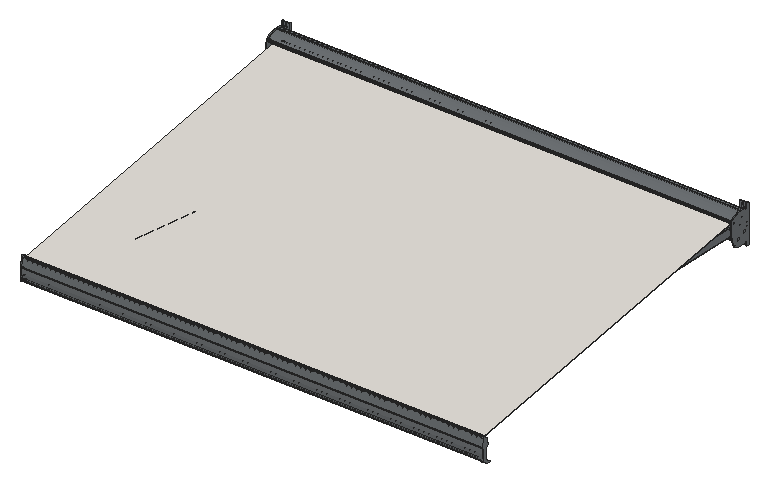
Revit family "Verano_V255_Salou_GM_R21", category Generic Models, Revit 2021 (continued)
Definition of nested family "03.Nosing Closed_GM"
  Dimensions and locks
    aligned and locked: level to plane 2
    aligned and locked: Extrusion 1 to plane 5
    aligned and locked: plane 4 to Extrusion 1
  Automatic sketch dimensions
    Extrusion 1 sketch curve to level = 79.902 mm
    Extrusion 1 sketch curve to level = 74.218 mm
    Extrusion 1 sketch curve to level = 75.054 mm
    Extrusion 1 sketch curve to level = 83.132 mm
    Extrusion 1 sketch curve to level = 85.279 mm
    Extrusion 1 sketch curve to level = 85.172 mm
    Extrusion 1 sketch curve to level = 89.121 mm
    Extrusion 1 sketch curve to Extrusion 1 sketch curve = 2.939 mm
    Extrusion 1 sketch curve to Extrusion 1 sketch curve = 0.854 mm
    Extrusion 1 sketch curve to Extrusion 1 sketch curve = 0.998 mm
    Extrusion 1 sketch curve to Extrusion 1 sketch curve = 2.507 mm
    Extrusion 1 sketch curve to Extrusion 1 sketch curve = 0.057 mm
    Extrusion 1 sketch curve to Extrusion 1 sketch curve = 0.394 mm
    Extrusion 1 sketch curve to Extrusion 1 sketch curve = 0 mm  (x8)
    plane 1 "Center (Front/Back)" to Extrusion 1 sketch curve = 152.38 mm
    Extrusion 1 sketch curve to Extrusion 1 sketch curve = 2.125 mm
    Extrusion 1 sketch curve to Extrusion 1 sketch curve = 2.837 mm
    Extrusion 1 sketch curve to Extrusion 1 sketch curve = 1.497 mm
    Extrusion 1 sketch curve to Extrusion 1 sketch curve = 5.066 mm
    Extrusion 1 sketch curve to Extrusion 1 sketch curve = 0.97 mm
    Extrusion 1 sketch curve to Extrusion 1 sketch curve = 1.3 mm
    Extrusion 1 sketch curve to Extrusion 1 sketch curve = 4.681 mm
    Extrusion 1 sketch curve to Extrusion 1 sketch curve = 2.199 mm
    Extrusion 1 sketch curve to Extrusion 1 sketch curve = 0.126 mm
    Extrusion 1 sketch curve to Extrusion 1 sketch curve = 1.869 mm
    Extrusion 1 sketch curve to Extrusion 1 sketch curve = 0.407 mm
    Extrusion 1 sketch curve to level = 89.048 mm
    Extrusion 1 sketch curve to Extrusion 1 sketch curve = 6.332 mm
    Extrusion 1 sketch curve to Extrusion 1 sketch curve = 3.537 mm
    Extrusion 1 sketch curve to Extrusion 1 sketch curve = 3.613 mm
    Extrusion 1 sketch curve to Extrusion 1 sketch curve = 25.738 mm
    Extrusion 1 sketch curve to Extrusion 1 sketch curve = 31.775 mm
    Extrusion 1 sketch curve to Extrusion 1 sketch curve = 47.011 mm
    Extrusion 1 sketch curve to Extrusion 1 sketch curve = 53.393 mm
    Extrusion 1 sketch curve to Extrusion 1 sketch curve = 10.829 mm
    plane 1 "Center (Front/Back)" to Extrusion 1 sketch curve = 45.887 mm
    Extrusion 1 sketch curve to level = 109.92 mm
    Extrusion 1 sketch curve to plane 1 "Center (Front/Back)" = 170.78 mm
    Extrusion 1 sketch curve to Extrusion 1 sketch curve = 3.811 mm
    Extrusion 1 sketch curve to Extrusion 1 sketch curve = 12.497 mm
    Extrusion 1 sketch curve to Extrusion 1 sketch curve = 40.789 mm
    Extrusion 1 sketch curve to Extrusion 1 sketch curve = 2.48 mm
    Extrusion 1 sketch curve to Extrusion 1 sketch curve = 18.868 mm
    Extrusion 1 sketch curve to Extrusion 1 sketch curve = 4.412 mm
    Extrusion 1 sketch curve to Extrusion 1 sketch curve = 45.598 mm
    Extrusion 1 sketch curve to Extrusion 1 sketch curve = 87.207 mm
    Extrusion 1 sketch curve to Extrusion 1 sketch curve = 14.75 mm
    Extrusion 1 sketch curve to Extrusion 1 sketch curve = 2.346 mm
    Extrusion 1 sketch curve to Extrusion 1 sketch curve = 3.799 mm
    Extrusion 1 sketch curve to Extrusion 1 sketch curve = 41.298 mm
    Extrusion 1 sketch curve to Extrusion 1 sketch curve = 2.528 mm
Definition of nested family "04.Fabric"
  Parameters
    Width = 2000 mm
    Length = 250 mm
    Fabric Material = none
    Default Elevation = 1219.2 mm
  Reference planes
    plane 1 "Center (Front/Back)": y = 0
    plane 2: z = 0
    plane 3 "Center (Left/Right)": x = 0
    plane 4: x = -1000
    plane 5: x = 1000
    plane 6: y = 2
  Forms (mm)
    Extrusion 1, solid
      sketch origin (0, 0, 0) x (1, 0, 0) y (0, 1, 0)
        loop
          line (-1219.2, 1219.2) -> (-1219.2, -1219.2) -> (1219.2, -1219.2) -> (1219.2, 1219.2) -> (-1219.2, 1219.2)
      from 0 to -304.8
    Extrusion 2, solid, material <- "Fabric Material"
      sketch origin (0, 0, 0) x (1, 0, 0) y (0, 1, 0)
        loop
          line (1000, 2) -> (-1000, 2) -> (-1000, 0) -> (1000, 0) -> (1000, 2)
      from 0 to 250 <- "Length"
  Dimensions and locks
    equal spacing: plane 4, plane 3 "Center (Left/Right)", plane 5
    "Width": plane 4 to plane 5
    aligned and locked: plane 2 to Extrusion 1
    aligned and locked: level to Extrusion 1
    aligned and locked: Extrusion 2 sketch curve to plane 6
    aligned and locked: Extrusion 2 sketch curve to plane 4
    aligned and locked: Extrusion 2 sketch curve to plane 1 "Center (Front/Back)"
    aligned and locked: Extrusion 2 sketch curve to plane 5
    aligned and locked: Extrusion 2 to plane 4
    aligned and locked: plane 1 "Center (Front/Back)" to Extrusion 2
    aligned and locked: Extrusion 2 to plane 6
    aligned and locked: plane 5 to Extrusion 2
  Automatic sketch dimensions
    Extrusion 1 sketch curve to Extrusion 1 sketch curve = 2438.4 mm  (x2)
Definition of nested family "05.Nosing Open_FB"
  Parameters
    Length = 2000 mm
    Frame Material = none
    Default Elevation = 1219.2 mm
  Reference planes
    plane 1 "Center (Front/Back)": y = 0
    plane 2: z = 0
    plane 3 "Center (Left/Right)": x = 0
    plane 4: x = -1000
    plane 5: x = 1000
    plane 6: x = -995
    plane 7: x = 995
  Forms (mm)
    Extrusion 1, solid
      sketch origin (0, 0, 0) x (1, 0, 0) y (0, 1, 0)
        loop
          line (-1219.2, 1219.2) -> (-1219.2, -1219.2) -> (1219.2, -1219.2) -> (1219.2, 1219.2) -> (-1219.2, 1219.2)
      from 0 to -304.8
    Extrusion 2, solid, material <- "Frame Material"
      sketch origin (0, 0, 0) x (0, -0.984808, -0.173648) y (0, 0.173648, -0.984808)
        loop
          arc (43.985, 7.537) -> (25.636, 6.097) -> (8.01, 11.394) r 50
          arc (8.01, 11.394) -> (5.431, 11.647) -> (3.385, 10.057) r 3.5
          line (3.385, 10.057) -> (1.166, 6.28)
          arc (1.166, 6.28) -> (1.128, 5.441) -> (1.798, 4.936) r 0.9
          arc (1.798, 4.936) -> (3.192, -4.494) -> (-3.381, 2.41) r 5
          arc (-3.381, 2.41) -> (-3.754, 3.642) -> (-4.977, 3.241) r 0.9
          line (-4.977, 3.241) -> (-5.932, 1.298)
          arc (-5.932, 1.298) -> (-7.407, 0.017) -> (-9.353, 0.187) r 2.5
          line (-9.353, 0.187) -> (-16.488, 3.98)
          arc (-16.488, 3.98) -> (-17.607, 3.858) -> (-17.903, 2.772) r 1
          line (-17.903, 2.772) -> (-15.424, -4.427)
          arc (-15.424, -4.427) -> (-14.895, -5.414) -> (-14.082, -6.183) r 3.5
          arc (-14.082, -6.183) -> (14.636, -23.597) -> (44.998, -37.954) r 325
          arc (44.998, -37.954) -> (46.858, -38.176) -> (48.566, -37.407) r 3.5
          arc (48.566, -37.407) -> (49.068, -37.186) -> (49.611, -37.262) r 1
          arc (49.611, -37.262) -> (92.601, -52.804) -> (137.345, -62.16) r 325
          arc (137.345, -62.16) -> (138.562, -62.112) -> (139.688, -61.651) r 3.5
          arc (139.688, -61.651) -> (142.06, -60.116) -> (144.397, -58.527) r 126.212
          arc (144.397, -58.527) -> (145.209, -56.258) -> (143.331, -54.749) r 2.077
          arc (143.331, -54.749) -> (140.616, -45.762) -> (148.499, -50.86) r 5
          arc (148.499, -50.86) -> (149.429, -53.083) -> (151.834, -52.931) r 2.077
          arc (151.834, -52.931) -> (166.682, -38.722) -> (179.026, -22.291) r 126.212
          line (179.026, -22.291) -> (183.635, -14.308)
          arc (183.635, -14.308) -> (183.829, -13.701) -> (183.755, -13.069) r 1.5
          line (183.755, -13.069) -> (183.197, -11.451)
          arc (183.197, -11.451) -> (181.799, -10.769) -> (181.117, -12.167) r 1.1
          line (181.117, -12.167) -> (181.678, -13.795) -> (176.663, -22.481) -> (175.406, -21.868)
          arc (175.406, -21.868) -> (173.492, -21.534) -> (171.694, -22.273) r 3.5
          arc (171.694, -22.273) -> (147.703, -35.367) -> (120.703, -39.62) r 80
          arc (120.703, -39.62) -> (119.891, -40.408) -> (120.678, -41.22) r 0.8
          arc (120.678, -41.22) -> (124.402, -41.192) -> (128.121, -40.995) r 81.6
          line (128.121, -40.995) -> (127.435, -48.84) -> (101.031, -46.53) -> (101.717, -38.685)
          arc (101.717, -38.685) -> (105.346, -39.525) -> (109.008, -40.199) r 81.6
          arc (109.008, -40.199) -> (109.925, -39.536) -> (109.262, -38.619) r 0.8
          arc (109.262, -38.619) -> (74.564, -24.095) -> (50.339, 4.68) r 80
          arc (50.339, 4.68) -> (47.672, 7.243) -> (43.985, 7.537) r 5.5
      from -995 to 995
    Extrusion 3, solid, material <- "Frame Material"
      sketch origin (0, 0, 0) x (0, -0.984808, -0.173648) y (0, 0.173648, -0.984808)
        loop
          arc (48.642, -37.731) -> (49.132, -37.531) -> (49.656, -37.61) r 1
          arc (49.656, -37.61) -> (92.606, -53.117) -> (137.305, -62.457) r 325.3
          arc (137.305, -62.457) -> (138.625, -62.406) -> (139.849, -61.905) r 3.8
          arc (139.849, -61.905) -> (161.052, -45.087) -> (178.193, -24.144) r 126.512
          arc (178.193, -24.144) -> (178.32, -23.331) -> (177.794, -22.699) r 1
          line (177.794, -22.699) -> (175.537, -21.598)
          arc (175.537, -21.598) -> (173.459, -21.236) -> (171.508, -22.038) r 3.8
          arc (171.508, -22.038) -> (104.657, -37.434) -> (50.608, 4.814) r 79.7
          arc (50.608, 4.814) -> (47.795, 7.517) -> (43.907, 7.827) r 5.8
          arc (43.907, 7.827) -> (25.668, 6.395) -> (8.148, 11.66) r 49.7
          arc (8.148, 11.66) -> (5.348, 11.935) -> (3.127, 10.209) r 3.8
          line (3.127, 10.209) -> (1.296, 7.094)
          arc (1.296, 7.094) -> (-2.636, 6.098) -> (-5.381, 3.112) r 7.1
          line (-5.381, 3.112) -> (-6.202, 1.43)
          arc (-6.202, 1.43) -> (-7.5, 0.302) -> (-9.212, 0.452) r 2.2
          line (-9.212, 0.452) -> (-16.347, 4.245)
          arc (-16.347, 4.245) -> (-17.802, 4.086) -> (-18.187, 2.674) r 1.3
          line (-18.187, 2.674) -> (-15.708, -4.525)
          arc (-15.708, -4.525) -> (-15.133, -5.596) -> (-14.25, -6.431) r 3.8
          arc (-14.25, -6.431) -> (14.494, -23.861) -> (44.884, -38.231) r 325.3
          arc (44.884, -38.231) -> (46.83, -38.483) -> (48.642, -37.731) r 3.8
      from 995 to 1000
    Extrusion 4, solid, material <- "Frame Material"
      sketch origin (0, 0, 0) x (0, -0.984808, -0.173648) y (0, -0.173648, 0.984808)
        loop
          arc (48.642, 37.731) -> (46.83, 38.483) -> (44.884, 38.231) r 3.8
          arc (44.884, 38.231) -> (14.494, 23.861) -> (-14.25, 6.431) r 325.3
          arc (-14.25, 6.431) -> (-15.133, 5.596) -> (-15.708, 4.525) r 3.8
          line (-15.708, 4.525) -> (-18.187, -2.674)
          arc (-18.187, -2.674) -> (-17.802, -4.086) -> (-16.347, -4.245) r 1.3
          line (-16.347, -4.245) -> (-9.212, -0.452)
          arc (-9.212, -0.452) -> (-7.5, -0.302) -> (-6.202, -1.43) r 2.2
          line (-6.202, -1.43) -> (-5.381, -3.112)
          arc (-5.381, -3.112) -> (-2.636, -6.098) -> (1.296, -7.094) r 7.1
          line (1.296, -7.094) -> (3.127, -10.209)
          arc (3.127, -10.209) -> (5.348, -11.935) -> (8.148, -11.66) r 3.8
          arc (8.148, -11.66) -> (25.668, -6.395) -> (43.907, -7.827) r 49.7
          arc (43.907, -7.827) -> (47.795, -7.517) -> (50.608, -4.814) r 5.8
          arc (50.608, -4.814) -> (104.657, 37.434) -> (171.508, 22.038) r 79.7
          arc (171.508, 22.038) -> (173.459, 21.236) -> (175.537, 21.598) r 3.8
          line (175.537, 21.598) -> (177.794, 22.699)
          arc (177.794, 22.699) -> (178.32, 23.331) -> (178.193, 24.144) r 1
          arc (178.193, 24.144) -> (161.052, 45.087) -> (139.849, 61.905) r 126.512
          arc (139.849, 61.905) -> (138.625, 62.406) -> (137.305, 62.457) r 3.8
          arc (137.305, 62.457) -> (92.606, 53.117) -> (49.656, 37.61) r 325.3
          arc (49.656, 37.61) -> (49.132, 37.531) -> (48.642, 37.731) r 1
      from 995 to 1000
  Dimensions and locks
    equal spacing: plane 4, plane 3 "Center (Left/Right)", plane 5
    "Length": plane 4 to plane 5
    locked: plane 7 to plane 5 at 5
    locked: plane 4 to plane 6 at 5
    aligned and locked: plane 2 to Extrusion 1
    aligned and locked: level to Extrusion 1
    aligned and locked: Extrusion 2 to plane 6
    aligned and locked: plane 7 to Extrusion 2
    aligned and locked: Extrusion 3 to plane 7
    aligned and locked: plane 5 to Extrusion 3
    aligned and locked: plane 6 to Extrusion 4
    aligned and locked: Extrusion 4 to plane 4
  Automatic sketch dimensions
    Extrusion 1 sketch curve to Extrusion 1 sketch curve = 2438.4 mm  (x2)
    Extrusion 2 sketch curve to Extrusion 2 sketch curve = 0 mm  (x29)
    level to Extrusion 2 sketch curve = 0.379 mm
    Extrusion 2 sketch curve to plane 1 "Center (Front/Back)" = 18.112 mm
    Extrusion 2 sketch curve to Extrusion 2 sketch curve = 0.946 mm
    Extrusion 2 sketch curve to Extrusion 2 sketch curve = 0.469 mm
    Extrusion 2 sketch curve to Extrusion 2 sketch curve = 2.479 mm
    Extrusion 2 sketch curve to Extrusion 2 sketch curve = 3.309 mm
    Extrusion 2 sketch curve to Extrusion 2 sketch curve = 2.762 mm
    Extrusion 2 sketch curve to Extrusion 2 sketch curve = 1.174 mm
    Extrusion 2 sketch curve to Extrusion 2 sketch curve = 2.247 mm
    Extrusion 2 sketch curve to Extrusion 2 sketch curve = 0.955 mm
    Extrusion 2 sketch curve to Extrusion 2 sketch curve = 0.808 mm
    Extrusion 2 sketch curve to Extrusion 2 sketch curve = 5.17 mm
    Extrusion 2 sketch curve to Extrusion 2 sketch curve = 0.166 mm
    Extrusion 2 sketch curve to Extrusion 2 sketch curve = 0.776 mm
    Extrusion 2 sketch curve to Extrusion 2 sketch curve = 2.219 mm
    Extrusion 2 sketch curve to Extrusion 2 sketch curve = 3.018 mm
    Extrusion 2 sketch curve to Extrusion 2 sketch curve = 27.581 mm
    Extrusion 2 sketch curve to Extrusion 2 sketch curve = 39.014 mm
    Extrusion 2 sketch curve to Extrusion 2 sketch curve = 0.911 mm
    Extrusion 2 sketch curve to Extrusion 2 sketch curve = 2.877 mm
    Extrusion 2 sketch curve to Extrusion 2 sketch curve = 41.316 mm
    Extrusion 2 sketch curve to Extrusion 2 sketch curve = 51.825 mm
    Extrusion 2 sketch curve to Extrusion 2 sketch curve = 0.686 mm
    Extrusion 2 sketch curve to Extrusion 2 sketch curve = 7.417 mm
    Extrusion 2 sketch curve to Extrusion 2 sketch curve = 11.556 mm
    Extrusion 2 sketch curve to Extrusion 2 sketch curve = 49.654 mm
    Extrusion 2 sketch curve to Extrusion 2 sketch curve = 6.744 mm
    Extrusion 2 sketch curve to Extrusion 2 sketch curve = 7.43 mm
    Extrusion 2 sketch curve to Extrusion 2 sketch curve = 10.384 mm
    Extrusion 2 sketch curve to Extrusion 2 sketch curve = 5.391 mm
    Extrusion 2 sketch curve to Extrusion 2 sketch curve = 0.412 mm
    Extrusion 2 sketch curve to Extrusion 2 sketch curve = 6.903 mm
    Extrusion 2 sketch curve to Extrusion 2 sketch curve = 46.627 mm
    Extrusion 2 sketch curve to Extrusion 2 sketch curve = 23.346 mm
    Extrusion 2 sketch curve to Extrusion 2 sketch curve = 1.534 mm
    Extrusion 2 sketch curve to Extrusion 2 sketch curve = 1.258 mm
    Extrusion 2 sketch curve to Extrusion 2 sketch curve = 2.363 mm
    Extrusion 2 sketch curve to Extrusion 2 sketch curve = 2.091 mm
    Extrusion 2 sketch curve to Extrusion 2 sketch curve = 12.764 mm
    Extrusion 2 sketch curve to Extrusion 2 sketch curve = 0.561 mm
    Extrusion 2 sketch curve to Extrusion 2 sketch curve = 1.04 mm  (x2)
    Extrusion 2 sketch curve to Extrusion 2 sketch curve = 0.658 mm
    Extrusion 2 sketch curve to Extrusion 2 sketch curve = 1.299 mm
    Extrusion 2 sketch curve to Extrusion 2 sketch curve = 0.119 mm
    Extrusion 2 sketch curve to Extrusion 2 sketch curve = 0.378 mm
    Extrusion 2 sketch curve to Extrusion 2 sketch curve = 0.168 mm
    Extrusion 2 sketch curve to Extrusion 2 sketch curve = 1.096 mm
    Extrusion 2 sketch curve to Extrusion 2 sketch curve = 1.298 mm
    Extrusion 2 sketch curve to Extrusion 2 sketch curve = 3.475 mm
    Extrusion 2 sketch curve to Extrusion 2 sketch curve = 1.139 mm
    Extrusion 2 sketch curve to Extrusion 2 sketch curve = 13.678 mm
    Extrusion 2 sketch curve to Extrusion 2 sketch curve = 0.358 mm
    Extrusion 2 sketch curve to Extrusion 2 sketch curve = 1.618 mm
    Extrusion 2 sketch curve to Extrusion 2 sketch curve = 0.488 mm
    Extrusion 2 sketch curve to Extrusion 2 sketch curve = 0.238 mm
    Extrusion 2 sketch curve to Extrusion 2 sketch curve = 8.072 mm
    Extrusion 2 sketch curve to Extrusion 2 sketch curve = 0.424 mm
    Extrusion 2 sketch curve to Extrusion 2 sketch curve = 0.613 mm
    Extrusion 2 sketch curve to Extrusion 2 sketch curve = 3.146 mm
    Extrusion 2 sketch curve to Extrusion 2 sketch curve = 36.943 mm
    Extrusion 2 sketch curve to Extrusion 2 sketch curve = 3.46 mm
    Extrusion 2 sketch curve to Extrusion 2 sketch curve = 0.509 mm
    Extrusion 2 sketch curve to Extrusion 2 sketch curve = 0.724 mm
    Extrusion 2 sketch curve to Extrusion 2 sketch curve = 1.011 mm
    Extrusion 2 sketch curve to Extrusion 2 sketch curve = 0.575 mm
    Extrusion 2 sketch curve to Extrusion 2 sketch curve = 0.917 mm
    Extrusion 2 sketch curve to Extrusion 2 sketch curve = 1.561 mm
    Extrusion 2 sketch curve to Extrusion 2 sketch curve = 7.065 mm
    Extrusion 2 sketch curve to Extrusion 2 sketch curve = 1.87 mm
    Extrusion 2 sketch curve to Extrusion 2 sketch curve = 1.545 mm
    Extrusion 2 sketch curve to Extrusion 2 sketch curve = 0.326 mm
    Extrusion 2 sketch curve to Extrusion 2 sketch curve = 0.397 mm
    Extrusion 2 sketch curve to Extrusion 2 sketch curve = 5.824 mm
    Extrusion 2 sketch curve to Extrusion 2 sketch curve = 0.456 mm
    Extrusion 2 sketch curve to Extrusion 2 sketch curve = 2.46 mm
    Extrusion 2 sketch curve to Extrusion 2 sketch curve = 1.773 mm
    Extrusion 2 sketch curve to Extrusion 2 sketch curve = 52.538 mm
    Extrusion 2 sketch curve to Extrusion 2 sketch curve = 4.684 mm
    Extrusion 2 sketch curve to Extrusion 2 sketch curve = 10.758 mm
    Extrusion 2 sketch curve to Extrusion 2 sketch curve = 219.48 mm
    Extrusion 2 sketch curve to Extrusion 2 sketch curve = 2.79 mm
    Extrusion 2 sketch curve to Extrusion 2 sketch curve = 0.121 mm
    level to Extrusion 3 sketch curve = 0.524 mm
    Extrusion 3 sketch curve to plane 1 "Center (Front/Back)" = 18.375 mm
    Extrusion 3 sketch curve to Extrusion 3 sketch curve = 1.229 mm
    Extrusion 3 sketch curve to Extrusion 3 sketch curve = 0.61 mm
    Extrusion 3 sketch curve to Extrusion 3 sketch curve = 2.479 mm
    Extrusion 3 sketch curve to Extrusion 3 sketch curve = 3.593 mm
    Extrusion 3 sketch curve to Extrusion 3 sketch curve = 2.902 mm
    Extrusion 3 sketch curve to Extrusion 3 sketch curve = 1.033 mm
    Extrusion 3 sketch curve to Extrusion 3 sketch curve = 1.977 mm
    Extrusion 3 sketch curve to Extrusion 3 sketch curve = 0.821 mm
    Extrusion 3 sketch curve to Extrusion 3 sketch curve = 6.381 mm
    Extrusion 3 sketch curve to Extrusion 3 sketch curve = 0.296 mm
    Extrusion 3 sketch curve to Extrusion 3 sketch curve = 1.83 mm
    Extrusion 3 sketch curve to Extrusion 3 sketch curve = 3.276 mm
    Extrusion 3 sketch curve to Extrusion 3 sketch curve = 27.84 mm
    Extrusion 3 sketch curve to Extrusion 3 sketch curve = 39.014 mm
    Extrusion 3 sketch curve to Extrusion 3 sketch curve = 0.911 mm
    Extrusion 3 sketch curve to Extrusion 3 sketch curve = 2.922 mm
    Extrusion 3 sketch curve to Extrusion 3 sketch curve = 41.316 mm
    Extrusion 3 sketch curve to Extrusion 3 sketch curve = 49.654 mm
    Extrusion 3 sketch curve to Extrusion 3 sketch curve = 88.568 mm
    Extrusion 3 sketch curve to Extrusion 3 sketch curve = 46.627 mm
    Extrusion 3 sketch curve to Extrusion 3 sketch curve = 36.052 mm
    Extrusion 3 sketch curve to Extrusion 3 sketch curve = 1.666 mm
    Extrusion 3 sketch curve to Extrusion 3 sketch curve = 1.818 mm
    Extrusion 3 sketch curve to Extrusion 3 sketch curve = 0.438 mm
    Extrusion 3 sketch curve to Extrusion 3 sketch curve = 12.764 mm
    Extrusion 3 sketch curve to Extrusion 3 sketch curve = 0.28 mm
    Extrusion 3 sketch curve to Extrusion 3 sketch curve = 0.168 mm
    Extrusion 3 sketch curve to Extrusion 3 sketch curve = 0.964 mm
    Extrusion 3 sketch curve to Extrusion 3 sketch curve = 1.43 mm
    Extrusion 3 sketch curve to Extrusion 3 sketch curve = 3.74 mm
    Extrusion 3 sketch curve to Extrusion 3 sketch curve = 1.237 mm
    Extrusion 3 sketch curve to Extrusion 3 sketch curve = 23.824 mm
    Extrusion 3 sketch curve to Extrusion 3 sketch curve = 1.101 mm
    Extrusion 3 sketch curve to Extrusion 3 sketch curve = 0.899 mm
    Extrusion 3 sketch curve to Extrusion 3 sketch curve = 1.416 mm
    Extrusion 3 sketch curve to Extrusion 3 sketch curve = 36.943 mm
    Extrusion 3 sketch curve to Extrusion 3 sketch curve = 3.808 mm
    Extrusion 3 sketch curve to Extrusion 3 sketch curve = 33.679 mm
    Extrusion 3 sketch curve to Extrusion 3 sketch curve = 0.423 mm
    Extrusion 3 sketch curve to Extrusion 3 sketch curve = 1.683 mm
    Extrusion 3 sketch curve to Extrusion 3 sketch curve = 1.191 mm
    Extrusion 3 sketch curve to Extrusion 3 sketch curve = 3.116 mm
    Extrusion 3 sketch curve to Extrusion 3 sketch curve = 61.968 mm
    Extrusion 3 sketch curve to Extrusion 3 sketch curve = 4.684 mm
    Extrusion 3 sketch curve to Extrusion 3 sketch curve = 10.758 mm
    Extrusion 3 sketch curve to Extrusion 3 sketch curve = 219.48 mm
    Extrusion 3 sketch curve to Extrusion 3 sketch curve = 2.79 mm
    Extrusion 3 sketch curve to Extrusion 3 sketch curve = 0 mm  (x9)
    level to Extrusion 4 sketch curve = 0.524 mm
    Extrusion 4 sketch curve to plane 1 "Center (Front/Back)" = 18.375 mm
    Extrusion 4 sketch curve to Extrusion 4 sketch curve = 1.229 mm
    Extrusion 4 sketch curve to Extrusion 4 sketch curve = 0.61 mm
    Extrusion 4 sketch curve to Extrusion 4 sketch curve = 2.479 mm
    Extrusion 4 sketch curve to Extrusion 4 sketch curve = 3.593 mm
    Extrusion 4 sketch curve to Extrusion 4 sketch curve = 2.902 mm
    Extrusion 4 sketch curve to Extrusion 4 sketch curve = 1.033 mm
    Extrusion 4 sketch curve to Extrusion 4 sketch curve = 1.977 mm
    Extrusion 4 sketch curve to Extrusion 4 sketch curve = 0.821 mm
    Extrusion 4 sketch curve to Extrusion 4 sketch curve = 6.381 mm
    Extrusion 4 sketch curve to Extrusion 4 sketch curve = 0.296 mm
    Extrusion 4 sketch curve to Extrusion 4 sketch curve = 1.83 mm
    Extrusion 4 sketch curve to Extrusion 4 sketch curve = 3.276 mm
    Extrusion 4 sketch curve to Extrusion 4 sketch curve = 27.84 mm
    Extrusion 4 sketch curve to Extrusion 4 sketch curve = 39.014 mm
    Extrusion 4 sketch curve to Extrusion 4 sketch curve = 0.911 mm
    Extrusion 4 sketch curve to Extrusion 4 sketch curve = 2.922 mm
    Extrusion 4 sketch curve to Extrusion 4 sketch curve = 41.316 mm
    Extrusion 4 sketch curve to Extrusion 4 sketch curve = 49.654 mm
    Extrusion 4 sketch curve to Extrusion 4 sketch curve = 88.568 mm
    Extrusion 4 sketch curve to Extrusion 4 sketch curve = 46.627 mm
    Extrusion 4 sketch curve to Extrusion 4 sketch curve = 36.052 mm
    Extrusion 4 sketch curve to Extrusion 4 sketch curve = 1.666 mm
    Extrusion 4 sketch curve to Extrusion 4 sketch curve = 1.818 mm
    Extrusion 4 sketch curve to Extrusion 4 sketch curve = 0.438 mm
    Extrusion 4 sketch curve to Extrusion 4 sketch curve = 12.764 mm
    Extrusion 4 sketch curve to Extrusion 4 sketch curve = 0.423 mm
    Extrusion 4 sketch curve to Extrusion 4 sketch curve = 1.133 mm
    Extrusion 4 sketch curve to Extrusion 4 sketch curve = 3.981 mm
    Extrusion 4 sketch curve to Extrusion 4 sketch curve = 1.191 mm
    Extrusion 4 sketch curve to Extrusion 4 sketch curve = 3.116 mm
    Extrusion 4 sketch curve to Extrusion 4 sketch curve = 32.086 mm
    Extrusion 4 sketch curve to Extrusion 4 sketch curve = 4.684 mm
    Extrusion 4 sketch curve to Extrusion 4 sketch curve = 10.758 mm
    Extrusion 4 sketch curve to Extrusion 4 sketch curve = 219.48 mm
    Extrusion 4 sketch curve to Extrusion 4 sketch curve = 2.79 mm
    Extrusion 4 sketch curve to Extrusion 4 sketch curve = 0.718 mm
    Extrusion 4 sketch curve to Extrusion 4 sketch curve = 9.434 mm
    Extrusion 4 sketch curve to Extrusion 4 sketch curve = 1.683 mm
    Extrusion 4 sketch curve to Extrusion 4 sketch curve = 3.74 mm
    Extrusion 4 sketch curve to Extrusion 4 sketch curve = 1.237 mm
    Extrusion 4 sketch curve to Extrusion 4 sketch curve = 61.968 mm
    Extrusion 4 sketch curve to Extrusion 4 sketch curve = 1.101 mm
    Extrusion 4 sketch curve to Extrusion 4 sketch curve = 0.899 mm
    Extrusion 4 sketch curve to Extrusion 4 sketch curve = 1.416 mm
    Extrusion 4 sketch curve to Extrusion 4 sketch curve = 36.943 mm
    Extrusion 4 sketch curve to Extrusion 4 sketch curve = 3.808 mm
    Extrusion 4 sketch curve to Extrusion 4 sketch curve = 33.679 mm
    Extrusion 4 sketch curve to Extrusion 4 sketch curve = 0 mm  (x9)
Types (3, lengths in mm): name | TYPE (1 - 3) | Projection Plane | Projection | P | Minimal Width | Fabric Length | Ausfall Length | 3 - Ausfall 3000 | 2 - Ausfall 2500 | 1 - Ausfall 2000 | Arm Length 2 | Arm Length 1
  2000 Projection | 1 | 1975.852 | 2000 | 2000 | 2235 | 1938.294 | 2000 | no | no | yes | 850 | 1050
  2500 Projection | 2 | 2458.815 | 2500 | 2500 | 2740 | 2423.294 | 2500 | no | yes | no | 1100 | 1300
  3000 Projection | 3 | 2941.777 | 3000 | 3000 | 3320 | 2903.294 | 3000 | yes | no | no | 1350 | 1550
